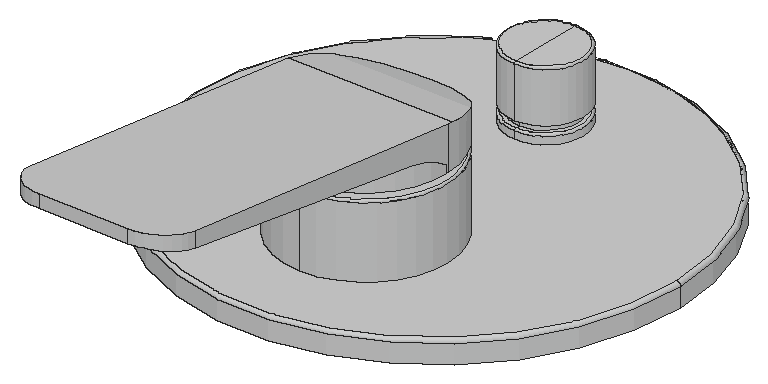
Revit family "MixerTap_BathShower_Abey_Vela_Diverter_FaceBased", category Plumbing Fixtures, host Face, Revit 2019
Family settings
  Host = Face
  Round Connector Dimension = Use Diameter
  Part Type = Normal
  OmniClass Number = 23.31.11.19
  OmniClass Title = Faucet Mixing Valves
  Cut with Voids When Loaded = No
  Shared = No
  Room Calculation Point = No
Parameters (values of type "Chrome (7SHD-EXT)")
  Waste Connection = no
  Vent Connection = no
  Uniclass2015Version = "Products v1.28"
  Uniclass2015Title = "Mixer taps"
  Uniclass2015Code = "Pr_40_20_87_55"
  URL = "https://www.abey.com.au/"
  Type Comments = "Chrome"
  ModifiedIssue = 20230628
  Model = "7SHD-EXT"
  BodyMaterial = Metal_Abey_Chrome
  ManufacturerURLProductSpecific = "https://www.abey.com.au/product/all/taps/vela-diverter-mixer/"
  ManufacturerSpecCode = Model  # "7SHD-EXT"
  ManufacturerOverallWidth = 130 mm  # constant formula
  ManufacturerOverallHeight = 183 mm  # constant formula
  ManufacturerOverallDepth = 52 mm  # constant formula
  Manufacturer = "Abey"  # constant formula
  Keynote = ""
  IfcExportType = "FAUCET"
  IfcExportAs = "ifcValve"
  HW Connection = yes
  Description = "Manufactured from low-lead brass, the Vela Bathroom Collection will transform your bathroom into a sanctuary of grace, serenity and purification"
  Default Elevation = 0 mm
  CreatedByURL = "https://igsgroup.com.au"
  CreatedBy = "IGS BIM Solutions"  # constant formula
  Cost = 0
  CW Connection = yes
  Assembly Code = "C1030210"
Types (5, lengths in mm): name | Type Comments | Model | BodyMaterial | ManufacturerSpecCode
  Black (7SHD-EXT-B) | "Black" | "7SHD-EXT-B" | Metal_Abey_Black | "7SHD-EXT-B"
  Brushed Brass (7SHD-EXT-BB) | "Brushed Brass" | "7SHD-EXT-BB" | Metal_Abey_Brass | "7SHD-EXT-BB"
  Brushed Nickel (7SHD-EXT-BN) | "Brushed Nickel" | "7SHD-EXT-BN" | Metal_Abey_BrushedNickel | "7SHD-EXT-BN"
  Chrome (7SHD-EXT) | "Chrome" | "7SHD-EXT" | Metal_Abey_Chrome | "7SHD-EXT"
  Gun Metal (7SHD-EXT-GM) | "Gun Metal" | "7SHD-EXT-GM" | Metal_Abey_GunMetal | "7SHD-EXT-GM"
Reference planes
  plane 1 "Center (Elevation)": y = -43.75
  plane 2 "Back": z = 0
  plane 3 "Center (Left/Right)": x = 18.07
  plane 4 "Bottom": y = -161.75
  plane 5 "Top": y = 21.25
  plane 6 "Left": x = -46.93
  plane 7 "Right": x = 83.07
  plane 8 "Front": z = 52
Forms (mm)
  Extrusion 1, void
    sketch origin (0, 0, 0) x (1, 0, 0) y (0, 1, 0)
      loop
        circle (18.07, -73.75) r 16.081
    from 0 to -30
Text (mm)
  text "Disclaimer:\nDue to ongoing product development and manufacturing evolution, product details are subject to change without notice. Please refer to product technical data sheets on the manufacturers website for the most current product information. Please allow a +/- 5mm manufacturing tolerance for dimensions and set-outs shown in product literature." at (184.286, 6.593, 0), in view "Ref. Level"
Dimensions and locks
  "ManufacturerOverallDepth": plane 8 "Front" to plane 2 "Back"
  "ManufacturerOverallWidth": plane 6 "Left" to plane 7 "Right"
  "ManufacturerOverallHeight": plane 4 "Bottom" to plane 5 "Top"
  equal spacing: plane 6 "Left", plane 3 "Center (Left/Right)", plane 7 "Right"
  plane 1 "Center (Elevation)" to plane 5 "Top" = 65 mm
  aligned and locked: plane 2 "Back" to host face
  aligned and locked: level to host face
  aligned and locked: plane 1 "Center (Elevation)" to nested 1
  aligned and locked: nested 1 to plane 3 "Center (Left/Right)"
Automatic sketch dimensions
  host sketch curve to host sketch curve = 158.152 mm
  host sketch curve to host sketch curve = 299.981 mm
  Extrusion 1 sketch curve to plane 3 "Center (Left/Right)" = 0 mm
  plane 1 "Center (Elevation)" to Extrusion 1 sketch curve = 30 mm
  radius of Extrusion 1 sketch curve = 16.081 mm
Nested families
  nested 1: "z_MixerTap_BathShower_Abey_Vela_Diverter" at (18.07, -43.75, 70) x (1, 0, 0) z (0, 1, 0), type "Type 1"
Connectors
  piping at (25.57, -73.729, -2), diameter 12.7, driven by "CW Connection"
    settings: on nested 1, index 1, connector inside diameter 24", connector length 0 mm, flow factor 0, pipe flow 0.00 L/s, pressure drop 0 kPa, fitting loss kfactor 0, connector angle 0.00°, fixture units 0, engagement length 0 mm, angle of deflection 0.00°, flow configuration 2, flow direction 1, fitting loss method 0, system type 20, joint type 0, gender type 0, connector reference index -1, connector utility 1, adjustable connector no, is connector primary yes, connector description "Cold Water Supply"
  piping at (10.57, -73.729, 0), diameter 12.7, driven by "HW Connection"
    settings: on nested 1, index 2, connector inside diameter 24", connector length 0 mm, flow factor 0, pipe flow 0.00 L/s, pressure drop 0 kPa, fitting loss kfactor 0, connector angle 0.00°, fixture units 0, engagement length 0 mm, angle of deflection 0.00°, flow configuration 2, flow direction 1, fitting loss method 0, system type 19, joint type 0, gender type 0, connector reference index -1, connector utility 1, adjustable connector no, is connector primary no, connector description "Hot Water Supply"
Definition of nested family "z_MixerTap_BathShower_Abey_Vela_Diverter"
  Parameters (values of type "Type 1")
    Uniclass2015Version = ""
    Uniclass2015Title = ""
    Uniclass2015Code = ""
    URL = "https://www.abey.com.au/"
    Type Comments = ""
    ModifiedIssue = 0
    Model = ""
    HW Connection = no
    Default Elevation = 0 mm
    CW Connection = no
    BodyMaterial = none
    ManufacturerURLProductSpecific = ""
    ManufacturerSpecCode = ""
    ManufacturerOverallWidth = 130 mm  # constant formula
    ManufacturerOverallHeight = 183 mm  # constant formula
    ManufacturerOverallDepth = 52 mm  # constant formula
    Manufacturer = "Abey"  # constant formula
    IfcExportType = ""
    IfcExportAs = ""
    Description = ""
    CreatedByURL = "https://igsgroup.com.au"
    CreatedBy = "IGS BIM Solutions"  # constant formula
    Assembly Code = ""
  Reference planes
    plane 1 "Ref. Level": z = 0
    plane 2 "Back": y = 70
    plane 3 "Top": z = 65
    plane 4 "Left": x = -65
    plane 5 "Right": x = 65
    plane 6 "Bottom": z = -118
    plane 7 "Front": y = 18
    plane 8 "Center (Elevation)": z = -30
    plane 9 "Center (Left/Right)": x = 0
    plane 10 "MountingHeight": z = 0
  Forms (mm)
    Extrusion 1, solid, material <- "BodyMaterial"
      sketch origin (0, 10, 0) x (1, 0, 0) y (0, 0, -1)
        loop
          circle (0, 0) r 63
      from 54 to 60
    Extrusion 2, solid, material <- "BodyMaterial"
      sketch origin (0, 40, -80) x (1, 0, 0) y (0, 0, 1)
        loop
          circle (7.5, 50.021) r 6.35
        loop
          circle (-7.5, 50.021) r 6.35
      from -32 to -30
    Revolve 3, solid, material <- "BodyMaterial"
      sketch origin (0, 0, 0) x (0, 1, 0) y (0, 0, 1)
        loop
          line (59.566, 44.75) -> (59.566, 46.5) -> (46.066, 46.5)
          arc (46.066, 46.5) -> (45.713, 46.354) -> (45.566, 46) r 0.5
          line (45.566, 46) -> (45.566, 36.25) -> (64, 36.25) -> (64, 46.5) -> (62.066, 46.5)
          arc (62.066, 46.5) -> (61.713, 46.354) -> (61.566, 46) r 0.5
          line (61.566, 46) -> (61.566, 44.75) -> (59.566, 44.75)
        axis (45.566, 36.25) -> (64, 36.25)
      angle from 0 to 360
    Sweep 4, solid, material <- "BodyMaterial"
      path origin (0, 70, 0) x (1, 0, 0) y (0, 0, 1)
        loop
          circle (0, 0) r 63
      profile origin (0, 70, 63) x (0, 0, -1) y (0, 1, 0)
        loop
          line (0, 0) -> (-2, 0) -> (-2, -5)
          arc (-2, -5) -> (-1.707, -5.707) -> (-1, -6) r 1
          line (-1, -6) -> (0, -6) -> (0, 0)
    Revolve 5, solid, material <- "BodyMaterial"
      sketch origin (0, 0, -60) x (0, 1, 0) y (0, 0, 1)
        loop
          line (64, 58.25) -> (45.019, 58.25)
          arc (45.019, 58.25) -> (44.665, 58.104) -> (44.519, 57.75) r 0.5
          line (44.519, 57.75) -> (44.519, 36.25) -> (64, 36.25) -> (64, 58.25)
        axis (44.519, 36.25) -> (64, 36.25)
      angle from 0 to 360
    Extrusion 6, solid, material <- "BodyMaterial"
      sketch origin (4267.2, 40, 903) x (0, 0, -1) y (1, 0, 0)
        loop
          line (926.672, -4289.2) -> (927.472, -4289.2)
          arc (927.472, -4289.2) -> (949.472, -4267.2) -> (927.472, -4245.2) r 22
          line (927.472, -4245.2) -> (926.672, -4245.2) -> (926.672, -4289.2)
      from -2.365 to 8.558
    Extrusion 7, void
      sketch origin (0, 70, 0) x (-1, 0, 0) y (0, 0, 1)
        loop
          line (65.969, -133.244) -> (65.969, 6.25) -> (-65.969, 6.25) -> (-65.969, -133.244) -> (65.969, -133.244)
        loop
          arc (12, -118) -> (19.071, -115.071) -> (22, -108) r 10
          line (22, -108) -> (22, -23.672)
          arc (22, -23.672) -> (0, -1.672) -> (-22, -23.672) r 22
          line (-22, -23.672) -> (-22, -108)
          arc (-22, -108) -> (-19.071, -115.071) -> (-12, -118) r 10
          line (-12, -118) -> (12, -118)
      from -25.041 to -58.833
    Revolve 8, solid, material <- "BodyMaterial"
      sketch origin (0, 0, 0) x (0, 1, 0) y (0, 0, 1)
        loop
          line (40, -24.472) -> (49.541, -24.472) -> (49.541, -6.032) -> (44.941, -6.032)
          arc (44.941, -6.032) -> (40.421, -14.703) -> (40, -24.472) r 22.534
        axis (40, -24.472) -> (49.541, -24.472)
      angle from 0 to 360
    Sweep 9, solid, material <- "BodyMaterial"
      path origin (0, 0, 65) x (0, -1, 0) y (1, 0, 0)
        loop
          line (-70, -65) -> (-70, 65)
      profile origin (0, 70, 65) x (0, 1, 0) y (0, 0, 1)
        loop
          line (-27.635, -89.072) -> (-27.635, -66.672) -> (-32.232, -66.672)
          arc (-32.232, -66.672) -> (-36.416, -76.606) -> (-38.907, -87.095) r 65.207
          arc (-38.907, -87.095) -> (-46.026, -136.676) -> (-52.372, -186.363) r 3215.704
          line (-52.372, -186.363) -> (-49.218, -186.741)
          arc (-49.218, -186.741) -> (-41.41, -143.872) -> (-34.508, -100.849) r 2065.137
          arc (-34.508, -100.849) -> (-32.844, -94.866) -> (-29.777, -89.466) r 25.369
          arc (-29.777, -89.466) -> (-28.783, -88.847) -> (-27.635, -89.072) r 1.599
  Cuts and joins
    Extrusion 7 cuts Extrusion 6
    Extrusion 7 cuts Sweep 9
    joined: Extrusion 1, Revolve 3, Sweep 4, Revolve 5, Extrusion 6, Revolve 8, Sweep 9
  Lines and regions (mm)
    Masking region 1
      outline origin (0, 0, 65) x (0, -1, 0) y (1, 0, 0)
        loop
          line (-70, -65) -> (-65, -65)
          arc (-65, -65) -> (-64.293, -64.707) -> (-64, -64) r 1
          line (-64, -64) -> (-64, -22) -> (-45.019, -22)
          arc (-45.019, -22) -> (-44.665, -21.854) -> (-44.519, -21.5) r 0.5
          line (-44.519, -21.5) -> (-44.519, -17.922)
          arc (-44.519, -17.922) -> (-43.387, -16.363) -> (-42.365, -14.73) r 28.096
          line (-42.365, -14.73) -> (-42.365, -22) -> (-19.258, -21.996)
          spline (-19.258, -21.996) -> (-19.097, -21.916) -> (-18.94, -21.668) -> (-18.788, -21.256) -> (-18.644, -20.686) -> (-18.511, -19.969) -> (-18.391, -19.116) -> (-18.285, -18.142) -> (-18.196, -17.063) -> (-18.126, -15.898) -> (-18.074, -14.666) -> (-18.043, -13.389) -> (-18, -12.087)
          line (-18, -12.087) -> (-18.033, 12.087)
          spline (-18.033, 12.087) -> (-18.043, 13.389) -> (-18.074, 14.666) -> (-18.126, 15.898) -> (-18.196, 17.063) -> (-18.285, 18.142) -> (-18.391, 19.116) -> (-18.511, 19.969) -> (-18.644, 20.686) -> (-18.788, 21.256) -> (-18.94, 21.668) -> (-19.097, 21.916) -> (-19.258, 22)
          line (-19.258, 22) -> (-42.365, 22) -> (-42.365, 14.73)
          arc (-42.365, 14.73) -> (-43.387, 16.363) -> (-44.519, 17.922) r 28.096
          line (-44.519, 17.922) -> (-44.519, 21.5)
          arc (-44.519, 21.5) -> (-44.665, 21.854) -> (-45.019, 22) r 0.5
          line (-45.019, 22) -> (-64, 22) -> (-64, 64)
          arc (-64, 64) -> (-64.293, 64.707) -> (-65, 65) r 1
          line (-65, 65) -> (-70, 65) -> (-70, -65)
    symbolic lines, detail levels medium+fine
      curve 1: line (-14.73, 42.365, 65) -> (14.73, 42.365, 65)
      curve 2: line (-17.922, 44.519, 65) -> (17.922, 44.519, 65)
      curve 5: line (-10.25, 59.566, 65) -> (-10.25, 46.064, 65)
      curve 6: line (-10.25, 59.566, 65) -> (10.25, 59.566, 65)
      curve 7: line (10.25, 59.566, 65) -> (10.25, 46.064, 65)
      curve 8: line (-8.497, 61.588, 65) -> (-8.497, 59.566, 65)
      curve 9: line (9.744, 61.588, 65) -> (-9.744, 61.588, 65)
      curve 10: line (-10.244, 64, 65) -> (-10.244, 62.088, 65)
      curve 11: arc (-9.744, 61.588, 65) -> (-10.098, 61.735, 65) -> (-10.244, 62.088, 65) r 0.5
      curve 12: line (8.497, 61.588, 65) -> (8.497, 59.566, 65)
      curve 13: line (10.244, 64, 65) -> (10.244, 62.088, 65)
      curve 14: arc (9.744, 61.588, 65) -> (10.098, 61.735, 65) -> (10.244, 62.088, 65) r 0.5
      curve 15: line (-22, 64, 65) -> (22, 64, 65)
      curve 16: line (9.75, 45.564, 65) -> (-9.75, 45.564, 65)
      curve 17: arc (-9.75, 45.564, 65) -> (-10.104, 45.71, 65) -> (-10.25, 46.064, 65) r 0.5
      curve 18: arc (9.75, 45.564, 65) -> (10.104, 45.71, 65) -> (10.25, 46.064, 65) r 0.5
    symbolic lines, detail levels fine
      curve 3: line (-21.943, 31.093, 65) -> (0, 37.768, 65)
      curve 4: line (0, 37.768, 65) -> (21.943, 31.093, 65)
  Dimensions and locks
    plane 3 "Top" to Revolve 3 sketch curve = 18.5 mm
    "ManufacturerOverallHeight": plane 3 "Top" to plane 6 "Bottom"
    "ManufacturerOverallWidth": plane 4 "Left" to plane 5 "Right"
    "ManufacturerOverallDepth": plane 2 "Back" to plane 7 "Front"
    locked: plane 3 "Top" to plane 8 "Center (Elevation)" at 95
    locked: plane 3 "Top" to plane 10 "MountingHeight" at 65
    aligned and locked: level to plane 1 "Ref. Level"
  Automatic sketch dimensions
    Revolve 3 sketch curve to Revolve 3 sketch curve = 0.5 mm  (x3)
    plane 2 "Back" to Revolve 3 sketch curve = 10.434 mm
    Revolve 3 sketch curve to Revolve 3 sketch curve = 2 mm
    Revolve 3 sketch curve to Revolve 3 sketch curve = 1.934 mm
    Revolve 3 sketch curve to Revolve 3 sketch curve = 1.75 mm
    Revolve 3 sketch curve to Revolve 3 sketch curve = 8.5 mm
    Revolve 3 sketch curve to Revolve 3 sketch curve = 4.423 mm
    Revolve 3 sketch curve to Revolve 3 sketch curve = 4.794 mm
    Revolve 3 sketch curve to Revolve 3 sketch curve = 0 mm
    Sweep 4 sketch curve to profile plane = 0 mm  (x2)
    profile plane to Sweep 4 sketch curve = 1 mm
    profile plane to Sweep 4 sketch curve = 2 mm
    Sweep 4 sketch curve to profile plane = 5 mm
    Revolve 5 sketch curve to Revolve 5 sketch curve = 0.5 mm
    plane 2 "Back" to Revolve 5 sketch curve = 6 mm
    Revolve 5 sketch curve to Revolve 5 sketch curve = 21.5 mm
    Revolve 5 sketch curve to Revolve 5 sketch curve = 6.611 mm
    Revolve 5 sketch curve to Revolve 5 sketch curve = 4.794 mm
    Revolve 5 sketch curve to Revolve 5 sketch curve = 0 mm
    Extrusion 6 sketch curve to Extrusion 6 sketch curve = 0.8 mm
    Extrusion 7 sketch curve to plane 6 "Bottom" = 0 mm
    Extrusion 7 sketch curve to Extrusion 7 sketch curve = 22 mm
    Extrusion 7 sketch curve to plane 5 "Right" = 0.969 mm
    Extrusion 7 sketch curve to plane 4 "Left" = 0.969 mm
    plane 6 "Bottom" to Extrusion 7 sketch curve = 15.244 mm
    Extrusion 1 sketch curve to plane 3 "Top" = 65 mm
    plane 3 "Top" to Revolve 5 sketch curve = 88.75 mm
    plane 3 "Top" to Extrusion 6 sketch curve = 88.672 mm
    Extrusion 7 sketch curve to Extrusion 7 sketch curve = 84.328 mm
    Extrusion 7 sketch curve to Extrusion 7 sketch curve = 29.922 mm
    Extrusion 2 sketch curve to plane 6 "Bottom" = 88.021 mm
    Extrusion 2 sketch curve to Extrusion 2 sketch curve = 0 mm
    Revolve 8 sketch curve to Revolve 8 sketch curve = 9.541 mm
    plane 2 "Back" to Revolve 8 sketch curve = 7.812 mm
    plane 3 "Top" to Revolve 8 sketch curve = 89.472 mm
    Revolve 8 sketch curve to Revolve 8 sketch curve = 3.937 mm
    Revolve 8 sketch curve to Revolve 8 sketch curve = 0 mm  (x2)
    Revolve 8 sketch curve to Revolve 8 sketch curve = 0.493 mm
    Revolve 3 sketch curve to Revolve 3 sketch curve = 13.5 mm
    Revolve 5 sketch curve to Revolve 5 sketch curve = 18.981 mm
    Revolve 8 sketch curve to Revolve 8 sketch curve = 12.154 mm
    Revolve 8 sketch curve to Revolve 8 sketch curve = 4.6 mm
    Extrusion 1 sketch curve to plane 4 "Left" = 65 mm
    plane 4 "Left" to Extrusion 2 sketch curve = 57.5 mm
    Extrusion 2 sketch curve to Extrusion 2 sketch curve = 15 mm
    plane 4 "Left" to Extrusion 6 sketch curve = 43 mm
    Extrusion 6 sketch curve to Extrusion 6 sketch curve = 22 mm
    Extrusion 7 sketch curve to plane 6 "Bottom" = 10 mm
    plane 5 "Right" to Extrusion 7 sketch curve = 43 mm
    Extrusion 7 sketch curve to Extrusion 7 sketch curve = 10 mm
    plane 2 "Back" to Sweep 9 sketch curve = 0 mm
    Sweep 9 sketch curve to plane 4 "Left" = 0 mm
    Sweep 9 sketch curve to plane 5 "Right" = 0 mm
    profile plane to Sweep 9 sketch curve = 2076.912 mm
    Sweep 9 sketch curve to Sweep 9 sketch curve = 3.154 mm
    Sweep 9 sketch curve to Sweep 9 sketch curve = 34.983 mm
    Sweep 9 sketch curve to Sweep 9 sketch curve = 0.378 mm
    Sweep 9 sketch curve to plane 3 "Top" = 204.724 mm
    Sweep 9 sketch curve to Sweep 9 sketch curve = 0 mm
    profile plane to Sweep 9 sketch curve = 52.372 mm
    Sweep 9 sketch curve to Sweep 9 sketch curve = 16.986 mm
    Sweep 9 sketch curve to Sweep 9 sketch curve = 3114.934 mm
    Sweep 9 sketch curve to Sweep 9 sketch curve = 81.761 mm
    plane 3 "Top" to Sweep 9 sketch curve = 568.898 mm
    Sweep 9 sketch curve to Sweep 9 sketch curve = 19.075 mm
    Sweep 9 sketch curve to Sweep 9 sketch curve = 7.738 mm
    plane 3 "Top" to Sweep 9 sketch curve = 186.741 mm
    Sweep 9 sketch curve to Sweep 9 sketch curve = 20.423 mm
    Sweep 9 sketch curve to Sweep 9 sketch curve = 3.738 mm
    Sweep 9 sketch curve to Sweep 9 sketch curve = 4.597 mm
    Sweep 9 sketch curve to Sweep 9 sketch curve = 3.325 mm
    Sweep 9 sketch curve to Sweep 9 sketch curve = 1.348 mm
    plane 2 "Back" to Masking region 1 sketch curve = 0 mm
    Masking region 1 sketch curve to plane 4 "Left" = 0 mm
    Masking region 1 sketch curve to plane 5 "Right" = 0 mm
    Masking region 1 sketch curve to plane 7 "Front" = 0 mm
    plane 2 "Back" to Masking region 1 sketch curve = 3.32 mm
    Masking region 1 sketch curve to Masking region 1 sketch curve = 0 mm  (x5)
    plane 2 "Back" to Masking region 1 sketch curve = 5 mm  (x2)
    plane 5 "Right" to Masking region 1 sketch curve = 1 mm
    plane 2 "Back" to Masking region 1 sketch curve = 6 mm
    Masking region 1 sketch curve to Masking region 1 sketch curve = 18.981 mm  (x2)
    Masking region 1 sketch curve to Masking region 1 sketch curve = 0.5 mm  (x4)
    Masking region 1 sketch curve to Masking region 1 sketch curve = 2.153 mm  (x2)
    Masking region 1 sketch curve to Masking region 1 sketch curve = 42 mm
    Masking region 1 sketch curve to Masking region 1 sketch curve = 3.578 mm  (x2)
    Masking region 1 sketch curve to Masking region 1 sketch curve = 3.192 mm
    Masking region 1 sketch curve to Masking region 1 sketch curve = 1.304 mm
    Masking region 1 sketch curve to Masking region 1 sketch curve = 14.078 mm
    plane 7 "Front" to Masking region 1 sketch curve = 1.268 mm  (x2)
    plane 7 "Front" to Masking region 1 sketch curve = 1.258 mm  (x2)
    Masking region 1 sketch curve to Masking region 1 sketch curve = 0.005 mm  (x2)
    plane 7 "Front" to Masking region 1 sketch curve = 0.033 mm  (x2)
    Masking region 1 sketch curve to Masking region 1 sketch curve = 0.004 mm
    Masking region 1 sketch curve to Masking region 1 sketch curve = 0.128 mm  (x2)
    Masking region 1 sketch curve to Masking region 1 sketch curve = 10.041 mm
    plane 2 "Back" to curve 10 = 7.912 mm
    curve 14 to curve 7 = 2.022 mm
    curve 5 to curve 17 = 13.503 mm
    curve 17 to curve 16 = 0.5 mm
    curve 16 to curve 3 = 7.795 mm
    plane 4 "Left" to curve 5 = 54.75 mm
    curve 5 to curve 10 = 0.006 mm
    curve 9 to curve 8 = 1.247 mm
    curve 17 to curve 4 = 9.75 mm
    curve 12 to curve 6 = 1.753 mm
    curve 10 to curve 10 = 1.912 mm
    curve 18 to curve 18 = 0.5 mm
    curve 17 to curve 2 = 1.545 mm
    curve 2 to curve 1 = 2.153 mm
    plane 7 "Front" to curve 4 = 13.093 mm
    plane 7 "Front" to curve 3 = 13.093 mm
    curve 1 to curve 17 = 4.48 mm
    curve 2 to curve 1 = 3.192 mm
    curve 3 to curve 1 = 7.213 mm
    curve 15 to curve 10 = 11.756 mm
    curve 3 to curve 16 = 9.75 mm
    curve 18 to curve 1 = 4.48 mm
    curve 1 to curve 2 = 3.192 mm
    curve 1 to curve 4 = 7.213 mm
    curve 13 to curve 15 = 11.756 mm
    curve 14 to curve 12 = 0.5 mm
    curve 12 to curve 14 = 1.247 mm
    curve 11 to curve 9 = 0.5 mm
    radius of Extrusion 1 sketch curve = 63 mm
    radius of Sweep 4 sketch curve to Extrusion 1 = 0 mm
    radius of Extrusion 2 sketch curve = 6.35 mm  (x2)
